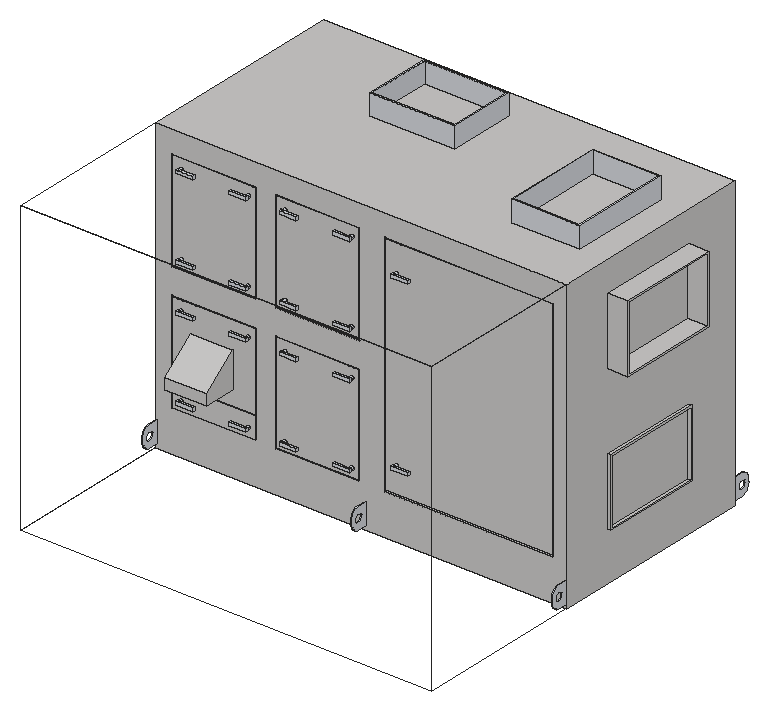
Revit family "DN-2IN-2FP-EH", category Mechanical Equipment, Revit 2016
Family settings
  Part Type = Normal
  Round Connector Dimension = Use Diameter
  OmniClass Number = 23.75.00.00
  OmniClass Title = Climate Control (HVAC)
  Work Plane-Based = No
  Always vertical = Yes
  Cut with Voids When Loaded = No
  Shared = No
  Room Calculation Point = No
Parameters (values of type "2 @ 1.35 kW ea.")
  Voltage [instance] = "200-277 V"
  Unit Weight Range (lbs) [instance] = "1700-2025 lbs."
  Max. Shipping Weight (lbs) [instance] = "1900-2225 lbs."
  Unit Dimensions(L x W x H) [instance] = "103-1/2\" x 62-5/8\" x 73-7/8\""
  Shipping Dimensions (L x W x H) [instance] = "120\" x 90\" x 79\""
  Unit [instance] = Renewaire - Galvanized Steel
  URL = "www.renewaire.com"
  Typical Airflow Range = "375-1,650 CFM"
  Standard Features [instance] = "EC Motors for both airstreams, Direct drive backward inclined plenum, Higher ESP of up to 2\" w.g. at 1,500 CFM, Integrated programmable controls, True 100% face and bypass enthalpy based modulating economizer, Class 1 low leakage motorized isolation dampers, Stainless steel double-sloped drain pan with cooling option, 1\" Double wall foam injected 20 gauge galvanized panel construction with R6.5 insulation"
  Service Area Visibility [instance] = yes
  Service Area Box [instance] = Renewaire - Interference
  Revit Object Download Link [instance] = ""
  Phase [instance] = "Single"
  Options [instance] = "Heat pump, Modulating hot gas reheat, Steam or hot water coil, gas heat module or electric heater, Onboard variable frequency drives (VFDs) - both airstreams, Fused disconnect, Spring isolators (VFDs only), 2\" Double wall foam injected 20 gauge galvanized panel construction with R13 insulation, Exterior paint - grey, white, custom color, BACNET factory activation, GFCI convenience outlet, Recirculation damper, Drain overflow switch, Electrofin coating for coils"
  Number Motors [instance] = "Qty. 2, Direct drive motorized impeller packages"
  Model = "DN-2IN-2FP-EH"
  Minimum Circuit Amps [instance] = "15.1 A"
  Maximum Overcurrent Protection [instance] = "20 A"
  Manufacturer = "Renewaire LLC"
  Inlets/Outlets [instance] = "OA & RA Inlets: 24\" x 16\", SA Outlet: 24\" x 16\", EA Outlet: 20\" x 16\""
  Frequency [instance] = "50/60 Hz"
  Filters [instance] = "Total qty. 4, MERV 8: 16\" x 20\" x 2\""
  FLA per Motor [instance] = "6.7-4.8"
  Energy Recovery Type [instance] = "Static plate total energy transfer"
  Description = "Energy Recovery Ventilator"
  Accessories [instance] = "Filters - MERV 13, 2\"  and 4\" (shipped loose), MERV 14, 2\" and 4\" (shipped loose), Additional filters available upon request, Duct mounted electric pre-heater (separately powered), Carbon dioxide sensor/control - wall mount (CO2-W), duct mount (CO2-D), IAQ sensor - wall mount (IAQ-W), duct mount (IAQ-D), Motion occupancy sensor/control - ceiling mount (MC-C), wall mount (MC-W), Smoke detector, Room temperature and humidity sensor, Duct static pressure sensor with display to 10\", without display 0-2\", Room pressure sensor with display to 1\", without display 0-1\", Waterless trap negative pressure, waterless trap positive pressure, Remote display"
  AHRI 1060 Certified Core [instance] = "One L-62-G5 and one L-125-G5"
Types (7): name | Voltage | Phase | Minimum Circuit Amps | Maximum Overcurrent Protection | FLA per Motor
  (no name) | "200-277 V" | "Single" | "15.1 A" | "20 A" | "6.7-4.8"
  2 @ 1.35 kW ea. | "200-277 V" | "Single" | "15.1 A" | "20 A" | "6.7-4.8"
  2 @ 2.70 kW ea. | "200-240 V" | "Three" | "19.4 A" | "25 A" | "8.6-7.2"
  2 @ 3.70 kW ea. | "380-480 V" | "Three" | "13.5 A" | "15 A" | "6.0-4.6"
  2 @ 3HP ea. 208-230V | "208-230 V" | "Three" | "20.3 A" | "25 A" | "9-8.4/4.2"
  2 @ 3HP ea. 460V | "460V" | "Three" | "9.5 A" | "15 A" | "4.2"
  2 @ 3HP ea. 575V | "575V" | "Three" | "7.4 A" | "15 A" | "3.3"
Reference planes (in)
  plane 1 "Center (Front/Back)": y = 0
  plane 2: z = 0
  plane 3 "Center (Left/Right)": x = 0
  plane 4: x = -37.375
Forms (in)
  Extrusion 1, solid, material "Renewaire - Galvanized Steel" <- "Unit"
    sketch origin (0, 1.00005, 0) x (1, 0, 0) y (0, 1, 0)
      loop
        line (-37.375, 23.99995) -> (-37.375, -26.00005) -> (60, -26.00005) -> (60, 23.99995) -> (-37.375, 23.99995)
    from 0 to 68.875
  Extrusion 2, void
    sketch origin (-0.17691, 0, 0) x (1, 0, 0) y (0, 0, 1)
      loop
        line (-33.22023, 63.824) -> (-33.22023, 39.82399) -> (-13.22023, 39.82399) -> (-13.22023, 63.824) -> (-33.22023, 63.824)
      loop
        line (-8.69064, 63.824) -> (-8.69064, 39.82399) -> (11.30935, 39.82399) -> (11.30935, 63.824) -> (-8.69064, 63.824)
      loop
        line (-33.22023, 33.824) -> (-33.22023, 9.824) -> (-13.22023, 9.824) -> (-13.22023, 33.824) -> (-33.22023, 33.824)
      loop
        line (-8.69064, 33.824) -> (-8.69064, 9.824) -> (11.30935, 9.824) -> (11.30935, 33.824) -> (-8.69064, 33.824)
      loop
        line (17.22532, 63.824) -> (17.22532, 9.824) -> (57.22532, 9.824) -> (57.22532, 63.824) -> (17.22532, 63.824)
    from 24 to 26
  Extrusion 3, void
    sketch origin (-0.17691, 1.00005, 0) x (1, 0, 0) y (0, 1, 0)
      loop
        line (-35.19809, 21.99995) -> (-35.19809, -24.00005) -> (57.89381, -24.00005) -> (57.89381, 21.99995) -> (-35.19809, 21.99995)
    from 0 to 6
  Extrusion 4, solid, material "Renewaire - Galvanized Steel" <- "Unit"
    sketch origin (0, -1, 0) x (0, 1, 0) y (0, 0, 1)
      loop
        line (-12.00006, 61.824) -> (-12.00006, 45.824) -> (11.99994, 45.824) -> (11.99994, 61.824) -> (-12.00006, 61.824)
      loop
        line (-11.75006, 61.574) -> (-11.75006, 46.074) -> (11.74994, 46.074) -> (11.74994, 61.574) -> (-11.75006, 61.574)
    from 60 to 65
  Extrusion 5, void
    sketch origin (-0.17691, 0, 0) x (1, 0, 0) y (0, 1, 0)
      loop
        line (-30.19809, 17.07542) -> (-30.19809, -6.92458) -> (-14.19808, -6.92458) -> (-14.19808, 17.07542) -> (-30.19809, 17.07542)
      loop
        line (37.0919, 10.95041) -> (37.0919, -13.04959) -> (53.09189, -13.04959) -> (53.09189, 10.95041) -> (37.0919, 10.95041)
    from 5 to 6.125
  Extrusion 6, solid, material "Renewaire - Galvanized Steel" <- "Unit"
    sketch origin (-0.1769, 0, 0) x (1, 0, 0) y (0, 0, 1)
      loop
        line (11.30935, 61.82401) -> (-8.69064, 61.82401) -> (-8.69064, 45.82401) -> (11.30935, 45.82401) -> (11.30935, 61.82401)
      loop
        line (11.05935, 61.57401) -> (-8.44064, 61.57401) -> (-8.44064, 46.07401) -> (11.05935, 46.07401) -> (11.05935, 61.57401)
    from -25 to -30
  Extrusion 7, solid, material "Renewaire - Galvanized Steel" <- "Unit"
    sketch origin (0, -1.04951, 0) x (0, 1, 0) y (0, 0, 1)
      loop
        line (18.60019, 30.89209) -> (-5.39982, 30.89209) -> (-5.39982, 14.89209) -> (18.60019, 14.89209) -> (18.60019, 30.89209)
      loop
        line (18.35019, 30.64209) -> (-5.14982, 30.64209) -> (-5.14982, 15.14209) -> (18.35019, 15.14209) -> (18.35019, 30.64209)
    from -37.375 to -38.375
  Extrusion 8, solid, material "Renewaire - Galvanized Steel" <- "Unit"
    sketch origin (0, -1, 0) x (0, 1, 0) y (0, 0, 1)
      loop
        line (-12.00006, 27.784) -> (-12.00006, 11.78399) -> (11.99994, 11.78399) -> (11.99994, 27.784) -> (-12.00006, 27.784)
      loop
        line (-11.75006, 27.534) -> (-11.75006, 12.03399) -> (11.74994, 12.03399) -> (11.74994, 27.534) -> (-11.75006, 27.534)
    from 60 to 61
  Extrusion 9, solid, material "Renewaire - Galvanized Steel" <- "Unit"
    sketch origin (-0.17691, 0, 0) x (1, 0, 0) y (0, 0, 1)
      loop
        line (17.47532, 63.574) -> (17.47532, 10.324) -> (56.97532, 10.324) -> (56.97532, 63.574) -> (17.47532, 63.574)
      loop
        line (-32.97023, 63.574) -> (-32.97023, 40.07399) -> (-13.47023, 40.07399) -> (-13.47023, 63.574) -> (-32.97023, 63.574)
      loop
        line (-8.44064, 63.574) -> (-8.44064, 40.07399) -> (11.05935, 40.07399) -> (11.05935, 63.574) -> (-8.44064, 63.574)
      loop
        line (-8.44064, 33.574) -> (-8.44064, 10.074) -> (11.05935, 10.074) -> (11.05935, 33.574) -> (-8.44064, 33.574)
      loop
        line (-32.97023, 33.574) -> (-32.97023, 15.324) -> (-13.47023, 15.324) -> (-13.47023, 33.574) -> (-32.97023, 33.574)
      loop
        line (-32.97023, 10.074) -> (-13.47023, 10.074) -> (-13.47023, 15.074) -> (-32.97023, 15.074) -> (-32.97023, 10.074)
    from 24 to 25
  Extrusion 10, solid, material "Renewaire - Interference" <- "Service Area Box", visible <- "Service Area Visibility"
    sketch origin (0, -1, 0) x (1, 0, 0) y (0, 1, 0)
      loop
        line (-37.375, -24) -> (-37.375, -64) -> (60, -64) -> (60, -24) -> (-37.375, -24)
    from 68.875 to 0
  Extrusion 11, solid
    sketch origin (0, 0, 0) x (1, 0, 0) y (0, 1, 0)
      loop
        line (-8.05979, 17.95039) -> (-8.05979, 1.95039) -> (11.94019, 1.95039) -> (11.94019, 17.95039) -> (-8.05979, 17.95039)
      loop
        line (-7.80979, 17.70039) -> (-7.80979, 2.20039) -> (11.69019, 2.20039) -> (11.69019, 17.70039) -> (-7.80979, 17.70039)
      loop
        line (37.53999, 10.95041) -> (37.53999, -13.04959) -> (53.53998, -13.04959) -> (53.53998, 10.95041) -> (37.53999, 10.95041)
      loop
        line (37.78999, 10.70041) -> (37.78999, -12.79959) -> (53.28998, -12.79959) -> (53.28998, 10.70041) -> (37.78999, 10.70041)
    from 73.875 to 68.875
  Extrusion 12, solid, material "Renewaire - Galvanized Steel" <- "Unit"
    sketch origin (0, 0, 0) x (0, 1, 0) y (0, 0, 1)
      loop
        line (-8.80644, 26.3132) -> (-11.13705, 26.3132) -> (-11.13705, 23.4382) -> (-8.80644, 23.4382) -> (-8.80644, 26.3132)
      loop
        line (-9.05644, 26.0632) -> (-10.88705, 26.0632) -> (-10.88705, 23.6882) -> (-9.05644, 23.6882) -> (-9.05644, 26.0632)
    from -37.375 to -38.375
  Extrusion 13, solid, material "Renewaire - Galvanized Steel" <- "Unit"
    sketch origin (0, -1, -4) x (0, 1, 0) y (0, 0, 1)
      loop
        line (-24, 31.20717) -> (-31.6831, 25.20447) -> (-31.6831, 22.70447) -> (-24, 22.70447) -> (-24, 31.20717)
    from -19 to -29
Cuts and joins
  Extrusion 2, Extrusion 3, Extrusion 5 cuts Extrusion 1
Dimensions and locks (in)
  aligned and locked: level to plane 2
Nested families (in)
  nested 1: "Lifting Lug" at (-37.125, -25, 0.74999) x (0, -1, 0) z (0, 0, 1), Material <- "Unit", type "Lifting Lug"
    with Material Renewaire - Galvanized Steel
  nested 2: "Lifting Lug" at (12.375, -25, 0.74999) x (0, -1, 0) z (0, 0, 1), Material <- "Unit", type "Lifting Lug"
    with Material Renewaire - Galvanized Steel
  nested 3: "Lifting Lug" at (59.88692, -25, 0.74999) x (0, -1, 0) z (0, 0, 1), Material <- "Unit", type "Lifting Lug"
    with Material Renewaire - Galvanized Steel
  nested 4: "Handle" at (-15.28433, -25, 61.25), type "Handle"
    with Right Handle no, Left Handle yes, Flip yes
  nested 5: "Handle" at (-15.28433, -25, 42.11337), type "Handle"
    with Right Handle no, Left Handle yes, Flip yes
  nested 6: "Handle" at (-31.15613, -25, 61.25) x (-1, 0, 0) z (0, 0, 1), type "Handle"
    with Right Handle no, Left Handle yes, Flip yes
  nested 7: "Handle" at (-31.15613, -25, 42.11337) x (-1, 0, 0) z (0, 0, 1), type "Handle"
    with Right Handle no, Left Handle yes, Flip yes
  nested 8: "Handle" at (9.24525, -25, 61.25), type "Handle"
    with Right Handle no, Left Handle yes, Flip yes
  nested 9: "Handle" at (9.24525, -25, 42.11337), type "Handle"
    with Right Handle no, Left Handle yes, Flip yes
  nested 10: "Handle" at (-6.62654, -25, 61.25) x (-1, 0, 0) z (0, 0, 1), type "Handle"
    with Right Handle no, Left Handle yes, Flip yes
  nested 11: "Handle" at (-6.62654, -25, 42.11337) x (-1, 0, 0) z (0, 0, 1), type "Handle"
    with Right Handle no, Left Handle yes, Flip yes
  nested 12: "Handle" at (9.24525, -25, 31.25), type "Handle"
    with Right Handle no, Left Handle yes, Flip yes
  nested 13: "Handle" at (9.24525, -25, 12.11338), type "Handle"
    with Right Handle no, Left Handle yes, Flip yes
  nested 14: "Handle" at (-6.62654, -25, 31.25) x (-1, 0, 0) z (0, 0, 1), type "Handle"
    with Right Handle no, Left Handle yes, Flip yes
  nested 15: "Handle" at (-6.62654, -25, 12.11338) x (-1, 0, 0) z (0, 0, 1), type "Handle"
    with Right Handle no, Left Handle yes, Flip yes
  nested 16: "Lifting Lug" at (-37.125, 25, 0.74999) x (0, 1, 0) z (0, 0, 1), Material <- "Unit", type "Lifting Lug"
    with Material Renewaire - Galvanized Steel
  nested 17: "Lifting Lug" at (12.375, 25, 0.74999) x (0, 1, 0) z (0, 0, 1), Material <- "Unit", type "Lifting Lug"
    with Material Renewaire - Galvanized Steel
  nested 18: "Lifting Lug" at (59.88692, 25, 0.74999) x (0, 1, 0) z (0, 0, 1), Material <- "Unit", type "Lifting Lug"
    with Material Renewaire - Galvanized Steel
  nested 19: "Handle" at (19.76858, -25, 57.0118) x (-1, 0, 0) z (0, 0, 1), type "Handle"
    with Right Handle no, Left Handle yes, Flip yes
  nested 20: "Handle" at (19.76858, -25, 16.2618) x (-1, 0, 0) z (0, 0, 1), type "Handle"
    with Right Handle no, Left Handle yes, Flip yes
  nested 21: "Handle" at (-15.28433, -25, 31.25), type "Handle"
    with Right Handle no, Left Handle yes, Flip yes
  nested 22: "Handle" at (-15.28433, -25, 12.11338), type "Handle"
    with Right Handle no, Left Handle yes, Flip yes
  nested 23: "Handle" at (-31.15613, -25, 31.25) x (-1, 0, 0) z (0, 0, 1), type "Handle"
    with Right Handle no, Left Handle yes, Flip yes
  nested 24: "Handle" at (-31.15613, -25, 12.11338) x (-1, 0, 0) z (0, 0, 1), type "Handle"
    with Right Handle no, Left Handle yes, Flip yes
Connectors (in)
  hvac at (65, -1.00006, 53.824)
    settings: on Extrusion 4, index 1, duct flow 0 CFM, flow factor 0, pres drop 0.00 in-wg, loss coef 0, conn angle 0.00°, conn width 24", conn height 16", conn diameter 24", duct sys type 4, conn prof type 1, flow config 0, flow direction 1, loss method 0, conn ref index -1, conn util no, is conn primary yes, conn desc "Outside Air (OA)"
  hvac at (61, -1.00006, 19.784)
    settings: on Extrusion 8, index 2, duct flow 0 CFM, flow factor 0, pres drop 0.00 in-wg, loss coef 0, conn angle 0.00°, conn width 24", conn height 16", conn diameter 24", duct sys type 2, conn prof type 1, flow config 0, flow direction 1, loss method 0, conn ref index -1, conn util no, is conn primary no, conn desc "Return Air (RA)"
  hvac at (1.13245, 30, 53.82401)
    settings: on Extrusion 6, index 5, duct flow 0 CFM, flow factor 0, pres drop 0.00 in-wg, loss coef 0, conn angle 0.00°, conn width 20", conn height 16", conn diameter 24", duct sys type 3, conn prof type 1, flow config 0, flow direction 2, loss method 0, conn ref index -1, conn util no, is conn primary no, conn desc "Exhaust Air (EA)"
  hvac at (-38.375, 5.55067, 22.89209)
    settings: on Extrusion 7, index 6, duct flow 0 CFM, flow factor 0, pres drop 0.00 in-wg, loss coef 0, conn angle 0.00°, conn width 24", conn height 16", conn diameter 24", duct sys type 1, conn prof type 1, flow config 0, flow direction 2, loss method 0, conn ref index -1, conn util no, is conn primary no, conn desc "Supply Air (SA)"
  hvac at (-22.375, 5.07542, 6.125)
    settings: on cut or joined group of Extrusion 1, Extrusion 2, Extrusion 3, Extrusion 5, index 7, duct flow 0 CFM, flow factor 0, pres drop 0.00 in-wg, loss coef 0, conn angle 0.00°, conn width 24", conn height 16", conn diameter 24", duct sys type 1, conn prof type 1, flow config 0, flow direction 2, loss method 0, conn ref index -1, conn util no, is conn primary no, conn desc "Supply Air (SA)"
  hvac at (44.91498, -1.04959, 6.125)
    settings: on cut or joined group of Extrusion 1, Extrusion 2, Extrusion 3, Extrusion 5, index 9, duct flow 0 CFM, flow factor 0, pres drop 0.00 in-wg, loss coef 0, conn angle 0.00°, conn width 24", conn height 16", conn diameter 24", duct sys type 2, conn prof type 1, flow config 0, flow direction 1, loss method 0, conn ref index -1, conn util no, is conn primary no, conn desc "Return Air (RA)"
  hvac at (45.53998, -1.04959, 73.875)
    settings: on Extrusion 11, index 10, duct flow 0 CFM, flow factor 0, pres drop 0.00 in-wg, loss coef 0, conn angle 0.00°, conn width 16", conn height 24", conn diameter 24", duct sys type 4, conn prof type 1, flow config 0, flow direction 1, loss method 0, conn ref index -1, conn util no, is conn primary no, conn desc "Outside Air (OA)"
  hvac at (1.9402, 9.95039, 73.875)
    settings: on Extrusion 11, index 11, duct flow 0 CFM, flow factor 0, pres drop 0.00 in-wg, loss coef 0, conn angle 0.00°, conn width 20", conn height 16", conn diameter 24", duct sys type 3, conn prof type 1, flow config 0, flow direction 2, loss method 0, conn ref index -1, conn util no, is conn primary no, conn desc "Exhaust Air (EA)"
Definition of nested family "Lifting Lug"
  Parameters (values of type "Lifting Lug")
    Material [instance] = none
  Reference planes (in)
    plane 1 "Center (Front/Back)": y = 0
    plane 2: z = 0
    plane 3 "Center (Left/Right)": x = 0
  Forms (in)
    Extrusion 1, solid
      sketch origin (0, 0, 0) x (1, 0, 0) y (0, 0, 1)
        loop
          line (0, 0.1875) -> (2, 0.1875)
          arc (2, 0.1875) -> (3.41421, 0.77329) -> (4, 2.1875) r 2
          line (4, 2.1875) -> (4, 3.1875)
          arc (4, 3.1875) -> (3.41421, 4.60171) -> (2, 5.1875) r 2
          line (2, 5.1875) -> (0, 5.1875) -> (0, 0.1875)
        loop
          circle (2.125, 2.6875) r 1
      from 0 to 0.25
  Dimensions and locks (in)
    aligned and locked: plane 2 to level
Definition of nested family "Handle"
  Parameters (values of type "Handle")
    Right Handle [instance] = not(Flip)  # no
    Material = none
    Left Handle [instance] = Flip  # yes
    Flip [instance] = yes
  Reference planes (in)
    plane 1 "Center (Front/Back)": y = 0
    plane 2: z = 0
    plane 3 "Center (Left/Right)": x = 0
  Forms (in)
    Extrusion 1, solid, material <- "Material"
      sketch origin (0, 0, 0) x (1, 0, 0) y (0, 0, 1)
        loop
          circle (0, 0) r 0.375
      from 0 to 0.75
    Extrusion 2, solid, material <- "Material", visible <- "Right Handle"
      sketch origin (0, 0, 0) x (1, 0, 0) y (0, 1, 0)
        loop
          line (-0.375, -0.75) -> (-0.375, -1.25) -> (3.625, -1.25) -> (3.625, -0.75) -> (-0.375, -0.75)
      from -0.375 to 0.375
    Extrusion 3, solid, material <- "Material", visible <- "Left Handle"
      sketch origin (-3.25, 0, 0) x (1, 0, 0) y (0, 1, 0)
        loop
          line (-0.375, -0.75) -> (-0.375, -1.25) -> (3.625, -1.25) -> (3.625, -0.75) -> (-0.375, -0.75)
      from -0.375 to 0.375
  Dimensions and locks (in)
    aligned and locked: plane 2 to level
